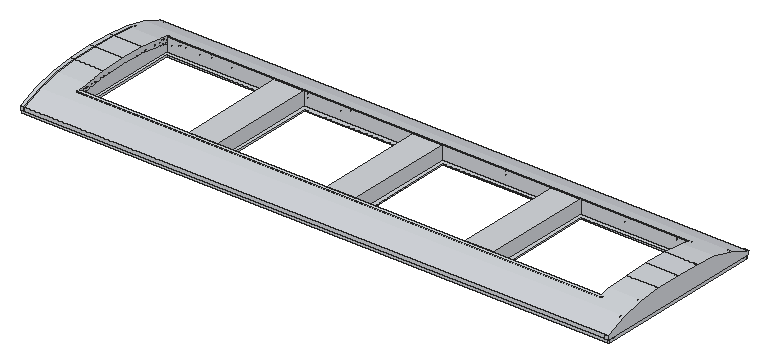
Revit family "Gira_021451", category Electrical Fixtures, host Face, Revit 2017
Family settings
  Host = Face
  Maintain Annotation Orientation = No
  Round Connector Dimension = Use Diameter
  Part Type = Normal
  Cut with Voids When Loaded = No
  Shared = No
  Room Calculation Point = No
Parameters (values of type "Abdeckrahmen 4f Zwischenr. F Alu Gira Event Opak Mint")
  Werkstoffgüte = "Thermoplast"
  Werkstoff = "Kunststoff"
  URL = "http://katalog.gira.de/de_DE/datenblatt.html?artikelnr=021451"
  Transparent = "No"
  Textfeld/Beschriftungsfläche = "No"
  Schutzart (IP) = "IP20"
  Region = "DE"
  Oberfläche = "sonstige"
  Name = "Abdeckrahmen 4f Zwischenr. F Alu Gira Event Opak Mint"
  Montagerichtung = "horizontal und vertikal"
  Mit Montagerahmen = "No"
  Mit Klappdeckel = "No"
  Manufacturer URL = "https://www.gira.de/"
  Keynote = "Event_Rahmen_4fach"
  HeinzeBIM = "https://bimportal.heinze.de/bim/abdeckrahmen-4f-zwischenr-f-alu-gira-event-opak-mint/09c3e78dff5ea0c5a46ed6d02d5e3e2a437de185"
  Halogenfrei = "Yes"
  HAN = "021451"
  Geeignet für Unterputz-Installation = "Yes"
  Geeignet für Unterflurkanaldose = "No"
  Geeignet für Geräteeinbaukanal = "No"
  Geeignet für Einbauinstallation = "No"
  GTIN = "4010337214519"
  Farbe = "grün"
  Default Elevation = 1219.2 mm
  Data sheet (1) = "https://katalog.gira.de/de_DE/download.html?artikelnr=021451"
  Category = "Abdeckrahmen"
  Befestigungsart = "Klemmbefestigung"
  Available = "Yes"
  Anzahl der Einheiten vertikal = "4 "
  Anzahl der Einheiten horizontal = "4 "
  Anzahl der Einheiten = "4 "
Reference planes
  plane 1 "Center (Front/Back)": y = 0
  plane 2: z = 0
  plane 3 "Center (Left/Right)": x = 0
Forms (mm)
  Extrusion 1, solid, detail levels fine
    sketch origin (0, 0, 0.05) x (0, 1, 0) y (0, 0, 1)
      loop
        arc (12.445, 9.683) -> (6.223, 9.833) -> (0, 9.85) r 291.636
        arc (0, 9.85) -> (-6.223, 9.833) -> (-12.445, 9.683) r 291.636
        arc (-12.445, 9.683) -> (-29.14, 7.482) -> (-45, 1.823) r 79.728
        line (-45, 1.823) -> (-45, -0.05) -> (-42.086, -0.05)
        arc (-42.086, -0.05) -> (-21.385, 5.559) -> (0, 7.206) r 114.424
        arc (0, 7.206) -> (21.385, 5.559) -> (42.086, -0.05) r 114.424
        line (42.086, -0.05) -> (45, -0.05) -> (45, 1.823)
        arc (45, 1.823) -> (29.14, 7.482) -> (12.445, 9.683) r 79.728
    from -151.95 to 151.935
  Extrusion 2, void, detail levels fine
    sketch origin (0, 0, 0) x (1, 0, 0) y (0, 1, 0)
      loop
        line (134.95, 28.035) -> (-134.95, 28.035) -> (-134.95, -28.035) -> (134.95, -28.035) -> (134.95, 28.035)
    from 0.724 to 11
  Extrusion 3, solid, detail levels coarse
    sketch origin (0, 0, 0) x (1, 0, 0) y (0, 1, 0)
      loop
        line (-151.95, 45) -> (-151.95, -45) -> (151.935, -45) -> (151.935, 45) -> (-151.95, 45)
    from -1.5 to 9.9
  Extrusion 4, solid, detail levels medium
    sketch origin (0, 0, 0.05) x (0, 1, 0) y (0, 0, 1)
      loop
        arc (12.445, 9.683) -> (6.223, 9.833) -> (0, 9.85) r 291.636
        arc (0, 9.85) -> (-6.223, 9.833) -> (-12.445, 9.683) r 291.636
        arc (-12.445, 9.683) -> (-29.14, 7.482) -> (-45, 1.823) r 79.728
        line (-45, 1.823) -> (-45, -0.05) -> (45, -0.05) -> (45, 1.823)
        arc (45, 1.823) -> (29.14, 7.482) -> (12.445, 9.683) r 79.728
    from -151.95 to 151.935
  Extrusion 5, solid, detail levels fine
    sketch origin (-106.95, 0, -1.5) x (0, 1, 0) y (0, 0, -1)
      loop
        line (45, -3.373) -> (45, -1.5) -> (-45, -1.5) -> (-45, -3.373)
        arc (-45, -3.373) -> (-29.14, -9.032) -> (-12.445, -11.233) r 79.728
        arc (-12.445, -11.233) -> (-6.223, -11.383) -> (0, -11.4) r 291.636
        arc (0, -11.4) -> (6.223, -11.383) -> (12.445, -11.233) r 291.636
        arc (12.445, -11.233) -> (29.14, -9.032) -> (45, -3.373) r 79.728
    from 43 to 45
  Extrusion 6, solid, detail levels fine
    sketch origin (0, 0, 0) x (1, 0, 0) y (0, 1, 0)
      loop
        line (-132.85, 25.7) -> (-132.85, -25.7) -> (-81.05, -25.7) -> (-81.05, 25.7) -> (-132.85, 25.7)
      loop
        line (-9.755, -25.7) -> (-9.755, 25.7) -> (-61.555, 25.7) -> (-61.555, -25.7) -> (-9.755, -25.7)
      loop
        line (-135.845, 28.49) -> (-135.845, -28.495)
        spline (-135.845, -28.495) -> (-135.836, -28.625) -> (-135.811, -28.754) -> (-135.769, -28.878) -> (-135.711, -28.995) -> (-135.638, -29.104) -> (-135.552, -29.202) -> (-135.454, -29.288) -> (-135.345, -29.361) -> (-135.228, -29.419) -> (-135.104, -29.461) -> (-134.975, -29.486) -> (-134.845, -29.495)
        line (-134.845, -29.495) -> (134.845, -29.495)
        spline (134.845, -29.495) -> (134.975, -29.486) -> (135.104, -29.461) -> (135.228, -29.419) -> (135.345, -29.361) -> (135.454, -29.288) -> (135.552, -29.202) -> (135.638, -29.104) -> (135.711, -28.995) -> (135.769, -28.878) -> (135.811, -28.754) -> (135.836, -28.625) -> (135.845, -28.495)
        line (135.845, -28.495) -> (135.845, 28.49)
        spline (135.845, 28.49) -> (135.836, 28.62) -> (135.811, 28.748) -> (135.769, 28.872) -> (135.711, 28.99) -> (135.638, 29.098) -> (135.552, 29.197) -> (135.454, 29.283) -> (135.345, 29.356) -> (135.228, 29.413) -> (135.104, 29.456) -> (134.975, 29.481) -> (134.845, 29.49)
        line (134.845, 29.49) -> (-134.845, 29.49)
        spline (-134.845, 29.49) -> (-134.975, 29.481) -> (-135.104, 29.456) -> (-135.228, 29.413) -> (-135.345, 29.356) -> (-135.454, 29.283) -> (-135.552, 29.197) -> (-135.638, 29.098) -> (-135.711, 28.99) -> (-135.769, 28.872) -> (-135.811, 28.748) -> (-135.836, 28.62) -> (-135.845, 28.49)
      loop
        line (61.545, -25.7) -> (61.545, 25.7) -> (9.745, 25.7) -> (9.745, -25.7) -> (61.545, -25.7)
      loop
        line (132.85, -25.7) -> (132.85, 25.7) -> (81.05, 25.7) -> (81.05, -25.7) -> (132.85, -25.7)
    from 0.1 to 7.3
  Extrusion 7, solid
    sketch origin (0, 0, 0) x (1, 0, 0) y (0, 1, 0)
      loop
        arc (-151.65, -44.218) -> (-151.504, -44.572) -> (-151.15, -44.718) r 0.5
        line (-151.15, -44.718) -> (151.15, -44.718)
        arc (151.15, -44.718) -> (151.504, -44.572) -> (151.65, -44.218) r 0.5
        line (151.65, -44.218) -> (151.65, 44.182)
        arc (151.65, 44.182) -> (151.504, 44.535) -> (151.15, 44.682) r 0.5
        line (151.15, 44.682) -> (-151.15, 44.682)
        arc (-151.15, 44.682) -> (-151.504, 44.535) -> (-151.65, 44.182) r 0.5
        line (-151.65, 44.182) -> (-151.65, -44.218)
      loop
        line (-149.95, 42.982) -> (-149.95, -43.018) -> (149.95, -43.018) -> (149.95, 42.982) -> (-149.95, 42.982)
    from -1.5 to 0.5
  Extrusion 8, solid, detail levels fine
    sketch origin (106.935, 0, -1.5) x (0, 1, 0) y (0, 0, 1)
      loop
        arc (45, 3.373) -> (29.14, 9.032) -> (12.445, 11.233) r 79.728
        arc (12.445, 11.233) -> (6.223, 11.383) -> (0, 11.4) r 291.636
        arc (0, 11.4) -> (-6.223, 11.383) -> (-12.445, 11.233) r 291.636
        arc (-12.445, 11.233) -> (-29.14, 9.032) -> (-45, 3.373) r 79.728
        line (-45, 3.373) -> (-45, 1.5) -> (45, 1.5) -> (45, 3.373)
    from 43 to 45
  Extrusion 9, solid, detail levels medium
    sketch origin (0, 0, 0) x (1, 0, 0) y (0, 1, 0)
      loop
        line (-151.65, -44.718) -> (151.65, -44.718) -> (151.65, 44.682) -> (-151.65, 44.682) -> (-151.65, -44.718)
    from -1.5 to 0.5
  Extrusion 10, solid, detail levels fine
    sketch origin (-69.857, 0, 0) x (1, 0, 0) y (0, 1, 0)
      loop
        line (-8.943, 28.063) -> (-8.943, -27.937) -> (6.057, -27.937) -> (6.057, 28.063) -> (-8.943, 28.063)
    from 0.724 to 7.566
  Extrusion 11, solid, detail levels fine
    sketch origin (-1.443, 0, 0) x (-1, 0, 0) y (0, -1, 0)
      loop
        line (-8.943, -28.063) -> (6.057, -28.063) -> (6.057, 27.937) -> (-8.943, 27.937) -> (-8.943, -28.063)
    from 0.724 to 7.566
  Extrusion 12, solid, detail levels fine
    sketch origin (69.857, 0, 0) x (-1, 0, 0) y (0, -1, 0)
      loop
        line (-8.943, -28.063) -> (6.057, -28.063) -> (6.057, 27.937) -> (-8.943, 27.937) -> (-8.943, -28.063)
    from 0.724 to 7.566
Cuts and joins
  Extrusion 2 cuts Extrusion 1
  Extrusion 2 cuts Extrusion 6
Dimensions and locks
  aligned and locked: plane 2 to host face
  aligned and locked: level to host face
